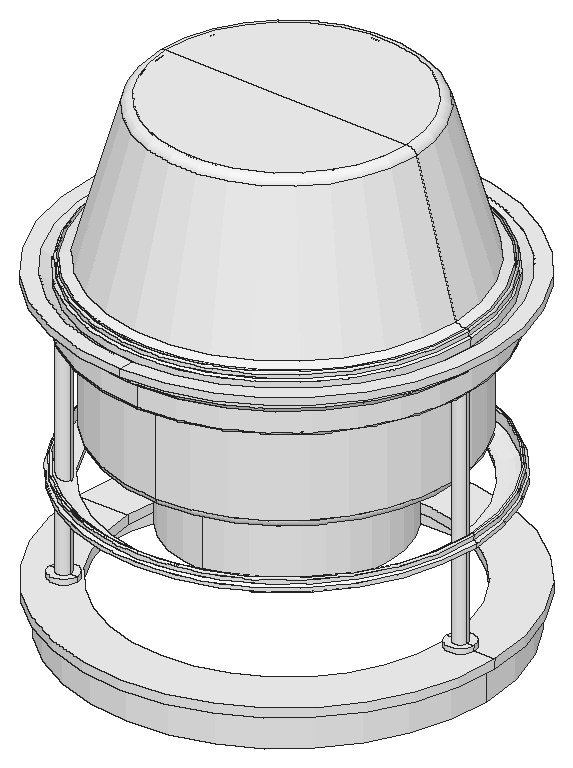
Revit family "R1220-EU", category Plumbing Fixtures, host Face, Revit 2018
Family settings
  Host = Face
  Round Connector Dimension = Use Radius
  Part Type = Normal
  Cut with Voids When Loaded = No
  Shared = No
  Room Calculation Point = No
Parameters (values of type "6" Drain Pipe Size")
  WFU = 0
  URL = "WWW.MIFAB.COM"
  Strainer Diameter = 0' - 6 15/16"
  Pipe Radius = Pipe Diameter / 2  # 0' - 3"
  Pipe Diameter = 0' - 6"
  Model = "R1220-EU"
  Manufacturer = "MIFAB"
  Floor Drain Material = Paint - Sherwin Williams Paint - #952C2A - Bellwood Red
  Domestic Cold Water Radius = 0' - 0 1/4"
  Domestic Cold Water Diameter = Domestic Cold Water Radius * 2  # 0' - 0 1/2"
  Description = "MEDIUM SUMP EXTENSION ROOF DRAIN FOR 1 3/4” TO 7” INSULATION"
  Default Elevation = 0' - 0"
  CWFU = 0
  Body Height = 0' - 4 1/4"
  Assembly Code = ""
  Adjustment Height = 0' - 8"
  Adjustable cast iron extension deck flange = 0' - 5"
Types (5): name | Pipe Radius | Pipe Diameter
  (no name) | 0' - 3" | 0' - 6"
  6" Drain Pipe Size | 0' - 3" | 0' - 6"
  4" Drain Pipe Size | 0' - 2" | 0' - 4"
  3" Drain Pipe Size | 0' - 1 1/2" | 0' - 3"
  2" Drain Pipe Size | 0' - 1" | 0' - 2"
Reference planes (in)
  plane 1 "Center (Front/Back)": y = 0
  plane 2: z = 0
  plane 3 "Center (Left/Right)": x = 0
  plane 4: z = -7.25
  plane 5: z = -3
  plane 6: z = -2.375
  plane 7: y = -3
  plane 8: y = 3
  plane 9: x = -2.5
  plane 10: x = 2.5
  plane 11: z = -2.5
  plane 12: z = 7.5
  plane 13: z = -3
  plane 14: z = -6.5
  plane 15: x = 6
  plane 16: x = -6
  plane 17: y = 6
  plane 18: y = -6
  plane 19: z = 4.375
  plane 20: z = -8
  plane 21: z = -6.33436
  plane 22: z = -5
Forms (in)
  Revolve 1, solid, material "Paint - Sherwin Williams Paint - #952C2A - Bellwood Red" <- "Floor Drain Material"
    sketch origin (0, 0.04396, -2.375) x (0, 1, 0) y (0, 0, 1)
      loop
        line (-5.62208, 2.375) -> (-6.04396, 2.375) -> (-6.04396, 2.17578) -> (-5.74853, 2.17578) -> (-5.74853, 1.92842) -> (-5.40694, 1.66517) -> (-5.40694, 1.11019)
        arc (-5.40694, 1.11019) -> (-5.39198, 1.07408) -> (-5.35587, 1.05913) r 0.05107
        line (-5.35587, 1.05913) -> (-4.74443, 1.05913) -> (-4.74443, -1.52529)
        arc (-4.74443, -1.52529) -> (-4.70621, -1.64514) -> (-4.60565, -1.72073) r 0.207
        line (-4.60565, -1.72073) -> (-3.04396, -2.61488) -> (-3.04396, -4.125) -> (-2.84474, -4.125) -> (-2.84474, -2.49753) -> (-4.54521, -1.55494) -> (-4.54521, 2.08137) -> (-5.24107, 2.08137) -> (-5.62208, 2.375)
      axis (-0.04396, 2.375) -> (-0.04396, -4.125)
    angle from 0 to 360
  Revolve 2, solid, material "Paint - Sherwin Williams Paint - #952C2A - Bellwood Red" <- "Floor Drain Material"
    sketch origin (0, 0, 17.75) x (1, 0, 0) y (0, 0, 1)
      loop
        line (5.292, -17.94922) -> (5.292, -17.74805) -> (5.23077, -17.68682) -> (5.23077, -17.58533)
        arc (5.23077, -17.58533) -> (5.2175, -17.55447) -> (5.18596, -17.54288) r 0.04252
        line (5.18596, -17.54288) -> (5.18596, -17.9207)
        arc (5.18596, -17.9207) -> (5.03523, -17.9709) -> (4.87743, -17.98932) r 0.77531
        line (4.87743, -17.98932) -> (4.87743, -18.04363)
        arc (4.87743, -18.04363) -> (5.08957, -18.01774) -> (5.292, -17.94922) r 1.04442
      axis (0, -18.04363) -> (0, -17.54288)
    angle from 0 to 360
  Revolve 3, solid, material "Paint - Sherwin Williams Paint - #952C2A - Bellwood Red" <- "Floor Drain Material"
    sketch origin (0, 0, 7.5) x (1, 0, 0) y (0, 0, 1)
      loop
        line (5.11854, -7.49805) -> (5.11854, -7.29288) -> (4.8565, -7.19671) -> (3.72842, -3.32255)
        arc (3.72842, -3.32255) -> (3.62972, -3.17988) -> (3.46514, -3.125) r 0.27421
        line (3.46514, -3.125) -> (0, -3.125) -> (0, -3.25781) -> (3.46514, -3.25781)
        arc (3.46514, -3.25781) -> (3.55001, -3.28611) -> (3.6009, -3.35968) r 0.1414
        line (3.6009, -3.35968) -> (4.80592, -7.49805) -> (5.11854, -7.49805)
      axis (0, -7.49805) -> (0, -3.125)
    angle from 0 to 360
  Revolve 4, solid, material "Paint - Sherwin Williams Paint - #952C2A - Bellwood Red" <- "Floor Drain Material"
    sketch origin (0, 0, -6.75) x (1, 0, 0) y (0, 0, 1)
      loop
        line (6, -1.25) -> (4.56527, -1.25) -> (4.56527, -1.5) -> (5.5, -1.5) -> (5.5, -2.43239) -> (5.75, -2.43239) -> (5.75, -1.5) -> (6, -1.5) -> (6, -1.25)
      axis (0, -2.43239) -> (0, -1.25)
    angle from 0 to 360
Lines and regions (in)
  model lines, not visible
    curve 1: line (6.7156, 0, 9.07611) -> (12.5156, 0, 9.07611)
    curve 2: line (12.5156, 0, 9.07611) -> (12.5156, 0, 10.82611)
    curve 3: line (12.5156, 0, 10.82611) -> (6.7156, 0, 10.82611)
    curve 4: line (6.7156, 0, 10.82611) -> (6.7156, 0, 9.07611)
    curve 5: line (7.13163, 0, 10.86539) -> (7.13163, 0, 12.86539)
    curve 6: line (7.13163, 0, 12.86539) -> (15.53163, 0, 12.86539)
    curve 7: line (15.53163, 0, 12.86539) -> (15.53163, 0, 10.86539)
    curve 8: line (11.33163, 0, 12.86539) -> (11.33163, 0, 12.36539)
Dimensions and locks (in)
  "Body Height": plane 5 to plane 4
  equal spacing: plane 8, plane 1 "Center (Front/Back)", plane 7
  "Pipe Diameter": plane 8 to plane 7
  "Pipe Radius": plane 1 "Center (Front/Back)" to plane 7
  locked: plane 19 to level at 4.375
  plane 12 to level = 0' - 7 1/2"
  locked: level to plane 14 at 6.5
  equal spacing: plane 16, plane 3 "Center (Left/Right)", plane 15
  locked: plane 16 to plane 15 at 12
  equal spacing: plane 18, plane 1 "Center (Front/Back)", plane 17
  locked: plane 18 to plane 17 at 12
  "Adjustment Height": level to plane 20
  locked: plane 20 to Revolve 4 sketch curve at 1.18239
  "Adjustable cast iron extension deck flange": plane 2 to plane 22
  aligned and locked: plane 2 to host face
  aligned and locked: level to host face
  aligned and locked: Revolve 1 sketch curve to plane 14
  aligned and locked: Revolve 1 sketch curve to plane 2
  aligned and locked: Revolve 1 sketch curve to plane 18
  aligned and locked: Revolve 3 sketch curve to plane 19
  aligned and locked: nested 1 to Revolve 1
  aligned and locked: nested 2 to Revolve 1
  aligned and locked: nested 3 to Revolve 1
  aligned and locked: plane 1 "Center (Front/Back)" to nested 4
  aligned and locked: plane 3 "Center (Left/Right)" to nested 4
  aligned and locked: plane 22 to nested 4
Automatic sketch dimensions
  curve 5 to curve 7 = 0' - 8.4"
  curve 5 to curve 8 = 0' - 4.2"
  curve 5 to curve 5 = 0' - 2"
  curve 7 to curve 6 = 0' - 2"
  curve 8 to curve 8 = 0' - 0 1/2"
  host sketch curve to host sketch curve = 8' - 0"  (x2)
  Revolve 1 sketch curve to plane 7 = 0' - 0"
  Revolve 1 sketch curve to plane 1 "Center (Front/Back)" = 0' - 0"
  Revolve 1 sketch curve to plane 4 = 0' - 0"
  Revolve 1 sketch curve to plane 18 = 0' - 0.29543"
  Revolve 1 sketch curve to Revolve 1 sketch curve = 0' - 0.12644"
  Revolve 1 sketch curve to plane 18 = 0' - 0.63702"
  Revolve 1 sketch curve to Revolve 1 sketch curve = 0' - 0.05107"
  Revolve 1 sketch curve to level = 0' - 0.29363"
  Revolve 1 sketch curve to Revolve 1 sketch curve = 0' - 0.16587"
  Revolve 1 sketch curve to Revolve 1 sketch curve = 0' - 0.61144"
  Revolve 1 sketch curve to Revolve 1 sketch curve = 0' - 0.13879"
  Revolve 1 sketch curve to Revolve 1 sketch curve = 0' - 0.69585"
  Revolve 1 sketch curve to Revolve 1 sketch curve = 0' - 0.00778"
  Revolve 1 sketch curve to plane 7 = 0' - 0 51/256"
  Revolve 1 sketch curve to Revolve 1 sketch curve = 0' - 0.11735"
  Revolve 1 sketch curve to plane 5 = 0' - 1.09573"
  Revolve 1 sketch curve to Revolve 1 sketch curve = 0' - 0.02965"
  Revolve 1 sketch curve to Revolve 1 sketch curve = 0' - 1.02225"
  Revolve 1 sketch curve to Revolve 1 sketch curve = 0' - 0.4162"
  Revolve 1 sketch curve to Revolve 1 sketch curve = 0' - 0.26324"
  Revolve 1 sketch curve to level = 0' - 0 51/256"
  Revolve 1 sketch curve to plane 5 = 0' - 0 1/4"
  Revolve 2 sketch curve to plane 3 "Center (Left/Right)" = 0' - 0"
  Revolve 2 sketch curve to plane 15 = 0' - 1.14233"
  Revolve 2 sketch curve to Revolve 2 sketch curve = 0' - 0.00923"
  Revolve 2 sketch curve to level = 0' - 0.29363"
  Revolve 2 sketch curve to Revolve 2 sketch curve = 0' - 0.01054"
  Revolve 2 sketch curve to level = 0' - 0.1707"
  Revolve 2 sketch curve to Revolve 2 sketch curve = 0' - 0.30853"
  Revolve 2 sketch curve to Revolve 2 sketch curve = 0' - 0.00229"
  level to Revolve 2 sketch curve = 0' - 0.06318"
  Revolve 2 sketch curve to Revolve 2 sketch curve = 0' - 0.04252"
  level to Revolve 2 sketch curve = 0' - 0.00195"
  Revolve 2 sketch curve to Revolve 2 sketch curve = 0' - 0.06123"
  Revolve 2 sketch curve to Revolve 2 sketch curve = 0' - 0.0543"
  Revolve 2 sketch curve to Revolve 2 sketch curve = 0' - 0.02852"
  Revolve 2 sketch curve to Revolve 2 sketch curve = 0' - 0.10148"
  plane 12 to Revolve 2 sketch curve = 1' - 6.80313"
  Revolve 2 sketch curve to Revolve 2 sketch curve = 0' - 2"
  Revolve 3 sketch curve to Revolve 3 sketch curve = 0' - 0"  (x2)
  Revolve 3 sketch curve to plane 3 "Center (Left/Right)" = 0' - 0"  (x2)
  Revolve 3 sketch curve to plane 19 = 0' - 0 17/128"
  Revolve 3 sketch curve to plane 10 = 0' - 0.96514"
  Revolve 3 sketch curve to plane 19 = 0' - 0.23468"
  Revolve 3 sketch curve to Revolve 3 sketch curve = 0' - 0.13576"
  Revolve 3 sketch curve to plane 19 = 0' - 0.19755"
  level to Revolve 3 sketch curve = 0' - 0.00195"
  Revolve 3 sketch curve to plane 15 = 0' - 1.19408"
  level to Revolve 3 sketch curve = 0' - 0.30329"
  Revolve 3 sketch curve to Revolve 3 sketch curve = 0' - 0.05058"
  level to Revolve 3 sketch curve = 0' - 0.20712"
  Revolve 3 sketch curve to Revolve 3 sketch curve = 0' - 0.26204"
  plane 12 to Revolve 3 sketch curve = 0' - 8.55205"
  Revolve 3 sketch curve to Revolve 3 sketch curve = 0' - 2"
  Revolve 4 sketch curve to plane 3 "Center (Left/Right)" = 0' - 0"
  Revolve 4 sketch curve to plane 20 = 0' - 0"
  Revolve 4 sketch curve to plane 15 = 0' - 0"
  Revolve 4 sketch curve to plane 20 = 0' - 0 1/4"
  Revolve 4 sketch curve to Revolve 4 sketch curve = 0' - 1.43473"
  Revolve 4 sketch curve to Revolve 4 sketch curve = 0' - 0 1/2"
  Revolve 4 sketch curve to Revolve 4 sketch curve = 0' - 0 1/4"  (x2)
  level to Revolve 4 sketch curve = 0' - 1.80205"
  Revolve 4 sketch curve to plane 19 = 0' - 0.57295"
  plane 21 to Revolve 1 sketch curve = 0' - 1.34449"
Nested families (in)
  nested 1: "Bolt" at (4.99846, 0, -8), type "Bolt"
    with Height 0' - 7.29017"
  nested 2: "Bolt" at (-3.95005, -3.08325, -8), type "Bolt"
    with Height 0' - 7.29017"
  nested 3: "Bolt" at (-1.04582, 4.98366, -8), type "Bolt"
    with Height 0' - 7.29017"
  nested 4: "Flange" at (0, 0, 0.21579), type "Flange"
Connectors (in)
  piping at (0, 0, -6.5), diameter 6, driven by "Pipe Radius", driven by "WFU"
    settings: on Revolve 1, index 2, connector inside diameter 2", connector length 0' - 0", flow factor 0, pipe flow 0 GPM, pressure drop 0.00 psi, fitting loss kfactor 0, connector angle 0.00°, fixture units 0, engagement length 0' - 0", angle of deflection 0.00°, flow configuration 3, flow direction 2, fitting loss method 0, system type 16, joint type 0, gender type 0, connector reference index -1, connector utility 0, adjustable connector no, is connector primary yes, connector description "Sanitary Out"
Definition of nested family "Bolt"
  Parameters (values of type "Bolt")
    Material = none
    Height [instance] = 2' - 9.85827"
    Default Elevation = 4' - 0"
  Reference planes (in)
    plane 1 "Center (Front/Back)": y = 0
    plane 2: z = 0
    plane 3 "Center (Left/Right)": x = 0
    plane 4: z = 33.85827
  Forms (in)
    Extrusion 1, solid
      sketch origin (0, 0, 0) x (1, 0, 0) y (0, 1, 0)
        loop
          line (-48, 48) -> (-48, -48) -> (48, -48) -> (48, 48) -> (-48, 48)
      from 0 to -12
    Revolve 2, solid, material <- "Material"
      sketch origin (0, 0, 0) x (1, 0, 0) y (0, 0, 1)
        loop
          line (0, 33.85827) -> (0, -0.98425) -> (0.19685, -0.98425) -> (0.19685, -0.384) -> (0.3937, -0.384) -> (0.3937, -0.25) -> (0.19685, -0.25) -> (0.19685, 0) -> (0.3937, 0) -> (0.3937, 0.134) -> (0.19685, 0.134) -> (0.19685, 33.85827) -> (0, 33.85827)
        axis (0, -0.98425) -> (0, 33.85827)
      angle from 0 to 360
  Dimensions and locks (in)
    "Height": plane 4 to plane 2
    aligned and locked: plane 2 to Extrusion 1
    aligned and locked: level to Extrusion 1
    aligned and locked: Revolve 2 sketch curve to plane 3 "Center (Left/Right)"
    aligned and locked: Revolve 2 sketch curve to plane 2
    aligned and locked: plane 4 to Revolve 2 sketch curve
  Automatic sketch dimensions
    Extrusion 1 sketch curve to Extrusion 1 sketch curve = 8' - 0"  (x2)
    Revolve 2 sketch curve to plane 3 "Center (Left/Right)" = 0' - 0"
    plane 3 "Center (Left/Right)" to Revolve 2 sketch curve = 0' - 0.19685"  (x2)
    Revolve 2 sketch curve to Revolve 2 sketch curve = 0' - 0"
    Revolve 2 sketch curve to Revolve 2 sketch curve = 0' - 0.19685"  (x2)
    Revolve 2 sketch curve to Revolve 2 sketch curve = 0' - 0 1/4"
    Revolve 2 sketch curve to Revolve 2 sketch curve = 0' - 0.134"
    Revolve 2 sketch curve to Revolve 2 sketch curve = 0' - 0.60025"
    level to Revolve 2 sketch curve = 0' - 0.134"
    Revolve 2 sketch curve to Revolve 2 sketch curve = 0' - 5.51181"  (x2)
Definition of nested family "Flange"
  Parameters (values of type "Flange")
    Material = none
  Reference planes (in)
    plane 1 "Center (Front/Back)": y = 0
    plane 2: z = 0
    plane 3 "Center (Left/Right)": x = 0
  Forms (in)
    Revolve 1, solid, material <- "Material"
      sketch origin (0, 0, 0.625) x (1, 0, 0) y (0, 0, 1)
        loop
          line (5.45568, -6.15357) -> (5.45568, -6.04596) -> (5.38457, -5.98473) -> (5.38457, -5.87982)
          arc (5.38457, -5.87982) -> (5.37313, -5.85222) -> (5.34553, -5.84079) r 0.03904
          line (5.34553, -5.84079) -> (5.30282, -5.84079) -> (5.30282, -6.15315)
          arc (5.30282, -6.15315) -> (5.0303, -6.26989) -> (4.73389, -6.27581) r 0.77531
          line (4.73389, -6.27581) -> (4.73389, -6.33436)
          arc (4.73389, -6.33436) -> (5.11143, -6.31043) -> (5.45568, -6.15357) r 1.04442
        axis (0, -6.33436) -> (0, -5.84079)
      angle from 0 to 360
  Dimensions and locks (in)
    aligned and locked: level to plane 2
